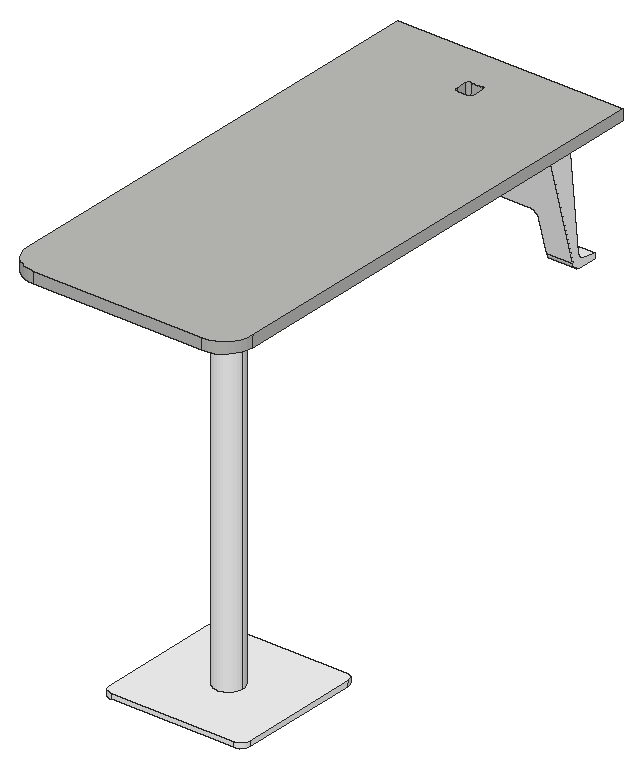
Revit family "Worksurfaces-Teknion-JNWPH-High_Peninsula_Worksurface-R2015", category Furniture, Revit 2018
Family settings
  OmniClass Number = 23.40.20.00
  OmniClass Title = General Furniture and Specialties
  Work Plane-Based = No
  Always vertical = Yes
  Cut with Voids When Loaded = No
  Shared = Yes
  Room Calculation Point = No
Parameters (values of type "24" Depth")
  Worksurface Finish [instance] = Source Laminate - Teknion - RV - Very White
  Width [instance] = 54.000"
  Warranty = "http://www.teknion.com/ca/papers/legal-canada"
  Unit Weight URL = "http://www.teknion.com/ca/tools/assets#&asset=bee6a381-b954-425e-8283-5a2de3a804f2,f828d448-4b62-4231-9e5f-9a8991c0ed77"
  URL = "www.teknion.com"
  Sustainability Data = "http://www.teknion.com/ca/tools/assets#&topic=216f99a5-57a0-44fc-b10a-9dee9b29ae4c&asset=444deb64-fe58-4b68-981e-f75e97781df7"
  Square-Cut-Out Hole Depth [instance] = if([Has Square Cut-Out], 2.555", 0.500")  # 2.555"
  Series = "Expansion Cityline"  # constant formula
  Product Page URL = "http://www.teknion.com/ca/products/product-details?productlineid=9ad2a26e-8e7a-673b-a6c8-ff05004460c4"
  Product Line = "Expansion Cityline"  # constant formula
  Product Documentation Link = "http://www.teknion.com/pricing/expansion-cityline/pdfs/JNWPH_ppg.pdf"
  Part Number = "JNWPH"  # constant formula
  Offset Height [instance] = if(Height = 42.000", 1.945", 3.553")  # 1.945"
  Note [instance] = "Available Depths are 24, 30, and 36 inches. Widths are available from 48 to 84 inches in 6 inch increments. Heights are available in 36 and 42 inches."  # constant formula
  Model = "JNWPH24"
  Manufacturer Phone = "416-661-3370"  # constant formula
  Manufacturer Fax = "416.661.4586"  # constant formula
  Manufacturer Contact Information = "http://www.teknion.com/ca/contactus"
  Manufacturer Address = "1150 Flint Road, Toronto, ON. M3J 2J5. Canada"  # constant formula
  Manufacturer = "Teknion"  # constant formula
  Leg Paint Finish [instance] = Mica - Teknion - V - Satin - Very White
  Height [instance] = 42.000"
  Has Square Cut-Out [instance] = yes
  Description = "High Peninsula Worksurface, Curved Corner."  # constant formula
  Depth = 24.000"
  Bracket Finish [instance] = Mica - Teknion - V - Satin - Very White
  Base Cut Depth [instance] = if(Height = 36.000", 3.000", 5.500")  # 5.500"
  Assembly Code = "E2020200"
  Actual Height [instance] = if(Height = 42.000", 43.189", 37.189")  # 43.189"
  Actual Width [instance] = Width - 1.693"  # 52.307"
Types (3): name | Width | Offset Height | Model | Height | Depth | Base Cut Depth | Actual Height | Actual Width
  24" Depth | 54.000" | 1.945" | "JNWPH24" | 42.000" | 24.000" | 5.500" | 43.189" | 52.307"
  30" Depth | 60.000" | 3.553" | "JNWPH30" | 36.000" | 30.000" | 3.000" | 37.189" | 58.307"
  36" Depth | 60.000" | 3.553" | "JNWPH36" | 36.000" | 36.000" | 3.000" | 37.189" | 58.307"
Reference planes (in)
  plane 1 "Center Front/Back": y = -1.5
  plane 2: z = 0
  plane 3 "Center Left/Right": x = 0
  plane 4 "Left": x = -12
  plane 5 "Right": x = 12
  plane 6 "Back": y = 24.6535
  plane 7 "Front": y = -27.6535
  plane 8 "Top": z = 43.189
  plane 9: z = 42.00002
  plane 10: z = 27.81102
  plane 11: x = -9
  plane 12: x = 9
  plane 13: z = 44.189
  plane 14: x = -6.25
  plane 15: x = 6.25
  plane 16: x = 7.63189
  plane 17: x = 7.75
  plane 18: x = -7.75
  plane 19: x = -7.63189
  plane 20: x = -1.625
  plane 21: x = 1.625
  plane 22: z = 0.5
  plane 23: y = 12.6535
  plane 24: y = 22.7085
  plane 25: z = 33.31102
Forms (in)
  Extrusion 1, solid, material "Source Laminate - Teknion - RV - Very White" <- "Worksurface Finish"
    sketch origin (0, 0, 43.189) x (-1, 0, 0) y (0, -1, 0)
      loop
        line (12, -24.6535) -> (12, 24.6535)
        arc (12, 24.6535) -> (11.12132, 26.77482) -> (9, 27.6535) r 3
        line (9, 27.6535) -> (-9, 27.6535)
        arc (-9, 27.6535) -> (-11.12132, 26.77482) -> (-12, 24.6535) r 3
        line (-12, 24.6535) -> (-12, -24.6535) -> (12, -24.6535)
    from 0 to -1.18898
  Extrusion 2, solid, material "Mica - Teknion - V - Satin - Very White" <- "Bracket Finish"
    sketch origin (0, 0, 0) x (0, 1, 0) y (0, 0, 1)
      loop
        line (21.08905, 42.00002) -> (12.6535, 42.00002) -> (12.6535, 41.81105) -> (18.18988, 41.81105) -> (21.74257, 28.5522)
        arc (21.74257, 28.5522) -> (22.09974, 28.01767) -> (22.7085, 27.81102) r 1
        line (22.7085, 27.81102) -> (24.6535, 27.81102) -> (24.6535, 28.375) -> (23.12005, 28.57688)
        arc (23.12005, 28.57688) -> (22.68157, 28.79625) -> (22.47231, 29.23964) r 0.75
        line (22.47231, 29.23964) -> (21.08905, 42.00002)
    from -9 to 9
  Extrusion 3, void
    sketch origin (15, -180, 44.189) x (-1, 0, 0) y (0, -1, 0)
      loop
        arc (15.58661, -200.20704) -> (15.84162, -200.10142) -> (15.94724, -199.84641) r 0.36063
        line (15.94724, -199.84641) -> (15.94724, -198.67319)
        arc (15.94724, -198.67319) -> (15.84162, -198.41818) -> (15.58661, -198.31256) r 0.36063
        line (15.58661, -198.31256) -> (14.41339, -198.31256)
        arc (14.41339, -198.31256) -> (14.15838, -198.41818) -> (14.05276, -198.67319) r 0.36063
        line (14.05276, -198.67319) -> (14.05276, -199.84641)
        arc (14.05276, -199.84641) -> (14.15838, -200.10142) -> (14.41339, -200.20704) r 0.36063
        line (14.41339, -200.20704) -> (15.58661, -200.20704)
    from 0 to -2.555
  Extrusion 4, solid, material "Mica - Teknion - V - Satin - Very White" <- "Leg Paint Finish"
    sketch origin (-15, -180, 42.00002) x (-1, 0, 0) y (0, -1, 0)
      loop
        circle (-15, -167.15472) r 1.5
    from -41.50002 to 0
  Extrusion 5, solid, material "Mica - Teknion - V - Satin - Very White" <- "Leg Paint Finish"
    sketch origin (0, -8.3457, 0.5) x (0, 1, 0) y (-1, 0, 0)
      loop
        line (2, 7.5) -> (-11, 7.5)
        arc (-11, 7.5) -> (-11.70711, 7.20711) -> (-12, 6.5) r 1
        line (-12, 6.5) -> (-12, -6.5)
        arc (-12, -6.5) -> (-11.70711, -7.20711) -> (-11, -7.5) r 1
        line (-11, -7.5) -> (2, -7.5)
        arc (2, -7.5) -> (2.70711, -7.20711) -> (3, -6.5) r 1
        line (3, -6.5) -> (3, 6.5)
        arc (3, 6.5) -> (2.70711, 7.20711) -> (2, 7.5) r 1
    from 0 to -0.5
  Extrusion 6, void
    sketch origin (-64.19161, 24.6535, 48) x (1, 0, 0) y (0, 0, 1)
      loop
        line (69.44161, -14.68898) -> (58.94161, -14.68898)
        arc (58.94161, -14.68898) -> (58.2345, -14.98187) -> (57.94161, -15.68898) r 1
        line (57.94161, -15.68898) -> (57.94161, -20.18898) -> (70.44161, -20.18898) -> (70.44161, -15.68898)
        arc (70.44161, -15.68898) -> (70.14871, -14.98187) -> (69.44161, -14.68898) r 1
    from 0 to 12
Cuts and joins
  Extrusion 6 cuts Extrusion 2
  Extrusion 3 cuts Extrusion 1
Lines and regions (in)
  Masking region 1
    outline origin (0, 0, 43.189) x (-1, 0, 0) y (0, -1, 0)
      loop
        line (12, -24.6535) -> (12, 24.6535)
        arc (12, 24.6535) -> (11.12132, 26.77482) -> (9, 27.6535) r 3
        line (9, 27.6535) -> (-9, 27.6535)
        arc (-9, 27.6535) -> (-11.12132, 26.77482) -> (-12, 24.6535) r 3
        line (-12, 24.6535) -> (-12, -24.6535) -> (12, -24.6535)
  Masking region 2, detail levels medium+fine
    outline origin (0, 0, 43.189) x (-1, 0, 0) y (0, -1, 0)
      loop
        line (9, -24.6535) -> (9, -12.6535) -> (-9, -12.6535) -> (-9, -24.6535) -> (-6.25, -24.6535) -> (-6.25, -21.21796) -> (-1.625, -21.21796) -> (-1.625, -14.84272) -> (1.625, -14.84272) -> (1.625, -21.21796) -> (6.25, -21.21796) -> (6.25, -24.6535) -> (9, -24.6535)
  Masking region 3, detail levels fine
    outline origin (0, -8.3457, 0.5) x (0, 1, 0) y (-1, 0, 0)
      loop
        line (3, -6.5) -> (3, 6.5)
        arc (3, 6.5) -> (2.70711, 7.20711) -> (2, 7.5) r 1
        line (2, 7.5) -> (-11, 7.5)
        arc (-11, 7.5) -> (-11.70711, 7.20711) -> (-12, 6.5) r 1
        line (-12, 6.5) -> (-12, -6.5)
        arc (-12, -6.5) -> (-11.70711, -7.20711) -> (-11, -7.5) r 1
        line (-11, -7.5) -> (2, -7.5)
        arc (2, -7.5) -> (2.70711, -7.20711) -> (3, -6.5) r 1
  symbolic lines, visible <- "Has Square Cut-Out"
    curve 1: line (-0.58661, 20.20704, 43.189) -> (0.58661, 20.20704, 43.189)
    curve 2: arc (0.58661, 20.20704, 43.189) -> (0.84162, 20.10142, 43.189) -> (0.94724, 19.84641, 43.189) r 0.36063
    curve 3: line (0.94724, 19.84641, 43.189) -> (0.94724, 18.67319, 43.189)
    curve 4: arc (0.94724, 18.67319, 43.189) -> (0.84162, 18.41818, 43.189) -> (0.58661, 18.31256, 43.189) r 0.36063
    curve 5: line (0.58661, 18.31256, 43.189) -> (-0.58661, 18.31256, 43.189)
    curve 6: arc (-0.58661, 18.31256, 43.189) -> (-0.84162, 18.41818, 43.189) -> (-0.94724, 18.67319, 43.189) r 0.36063
    curve 7: line (-0.94724, 18.67319, 43.189) -> (-0.94724, 19.84641, 43.189)
    curve 8: arc (-0.94724, 19.84641, 43.189) -> (-0.84162, 20.10142, 43.189) -> (-0.58661, 20.20704, 43.189) r 0.36063
  symbolic lines, style "FurnitureHiddenLines", detail levels fine
    curve 9: line (-7.75, 18.6535, 43.189) -> (-7.75, 24.6535, 43.189)
    curve 10: line (-7.63189, 24.6535, 43.189) -> (-7.63189, 18.68515, 43.189)
    curve 11: line (-7.75, 18.6535, 43.189) -> (-9, 18.6535, 43.189)
    curve 12: line (-1.625, 18.68515, 43.189) -> (-7.63189, 18.68515, 43.189)
    curve 13: line (7.63189, 18.68515, 43.189) -> (1.625, 18.68515, 43.189)
    curve 14: line (7.63189, 18.68515, 43.189) -> (7.63189, 24.6535, 43.189)
    curve 15: line (7.75, 24.6535, 43.189) -> (7.75, 18.6535, 43.189)
    curve 16: line (9, 18.6535, 43.189) -> (7.75, 18.6535, 43.189)
    curve 17: line (1.625, 18.50849, 43.189) -> (9, 18.50849, 43.189)
    curve 18: line (-9, 18.50849, 43.189) -> (-1.625, 18.50849, 43.189)
  symbolic lines, style "FurnitureHiddenLines", detail levels medium+fine
    curve 19: arc (1.5, -12.84528, 0.5) -> (0, -11.34528, 0.5) -> (-1.5, -12.84528, 0.5) r 1.5
    curve 20: arc (-1.5, -12.84528, 0.5) -> (0, -14.34528, 0.5) -> (1.5, -12.84528, 0.5) r 1.5
  reference lines, not visible
    curve 21: line (-12, 24.6535, 0) -> (12, 24.6535, 0)
    curve 22: line (-12, 24.6535, 0) -> (-12, -27.6535, 0)
    curve 23: line (-12, -27.6535, 0) -> (12, -27.6535, 0)
    curve 24: line (12, 24.6535, 0) -> (12, -27.6535, 0)
Dimensions and locks (in)
  "Depth": plane 4 "Left" to plane 5 "Right"
  "Actual Width": plane 6 "Back" to plane 7 "Front"
  "Actual Height": plane 8 "Top" to level
  equal spacing: plane 4 "Left", plane 3 "Center Left/Right", plane 5 "Right"
  equal spacing: plane 6 "Back", plane 1 "Center Front/Back", plane 7 "Front"
  locked: plane 4 "Left" to Extrusion 1 sketch curve at 3
  locked: plane 7 "Front" to Extrusion 1 sketch curve at 3  (x2)
  locked: Extrusion 1 sketch curve to plane 5 "Right" at 3
  locked: plane 8 "Top" to plane 9 at 1.18898
  locked: plane 13 to plane 8 "Top" at 1
  plane 6 "Back" to Extrusion 3 sketch curve to Extrusion 3 sketch curve to Extrusion 3 sketch curve to Extrusion 3 sketch curve to Extrusion 3 sketch curve to Extrusion 3 sketch curve = 4.44646" locked, 0.36063" locked, 0.000" locked, 1.17323" locked, 0.000" locked, 0.36063" locked
  Extrusion 3 sketch curve to Extrusion 3 sketch curve to Extrusion 3 sketch curve to plane 3 "Center Left/Right" to Extrusion 3 sketch curve to Extrusion 3 sketch curve to Extrusion 3 sketch curve = 0.36063" locked, 0.000" locked, 0.58661" locked, 0.58661" locked, 0.000" locked, 0.36063" locked
  "Square-Cut-Out Hole Depth": plane 13 to Extrusion 3
  plane 21 to plane 15 to plane 16 to plane 17 to plane 12 = 4.625" locked, 1.38189" locked, 0.11811" locked, 1.250" locked
  plane 11 to plane 18 to plane 19 to plane 14 to plane 20 = 1.250" locked, 0.11811" locked, 1.38189" locked, 4.625" locked
  locked: plane 20 to plane 3 "Center Left/Right" at 1.625
  locked: plane 3 "Center Left/Right" to plane 21 at 1.625
  locked: plane 7 "Front" to Extrusion 4 sketch curve at 14.80822
  locked: plane 3 "Center Left/Right" to Extrusion 4 sketch curve at 0
  locked: plane 22 to plane 2 at 0.5
  Extrusion 5 sketch curve to Extrusion 5 sketch curve to Extrusion 5 sketch curve to plane 3 "Center Left/Right" to Extrusion 5 sketch curve to Extrusion 5 sketch curve to Extrusion 5 sketch curve = 1.000" locked, 0.000" locked, 6.500" locked, 6.500" locked, 0.000" locked, 1.000" locked
  plane 7 "Front" to Extrusion 5 sketch curve to Extrusion 5 sketch curve to Extrusion 5 sketch curve to Extrusion 5 sketch curve to Extrusion 5 sketch curve to Extrusion 5 sketch curve = 7.3078" locked, 1.000" locked, 0.000" locked, 13.000" locked, 0.000" locked, 1.000" locked
  locked: plane 10 to plane 2 at 27.81102
  locked: plane 6 "Back" to plane 23 at 12
  "Offset Height": plane 6 "Back" to plane 24
  locked: Extrusion 2 sketch curve to plane 24 at 0.50944
  locked: Extrusion 2 sketch curve to plane 24 at 0
  locked: Extrusion 2 sketch curve to plane 10 at 0.56398
  locked: Extrusion 2 sketch curve to plane 10 at 1
  locked: Extrusion 2 sketch curve to plane 10 at 1.50944
  locked: Extrusion 2 sketch curve to plane 10 at 1.42861
  locked: plane 9 to Extrusion 2 sketch curve at 0.18898
  "Base Cut Depth": plane 25 to plane 10
  cut or joined group of Extrusion 2, Extrusion 6 to plane 10 = 5.500"
  locked: plane 25 to Extrusion 6 sketch curve at 1  (x2)
  locked: plane 15 to Extrusion 6 sketch curve at 1
  locked: Extrusion 6 sketch curve to plane 14 at 1
  locked: plane 10 to Extrusion 2 sketch curve (angle 7.50°)
  locked: plane 10 to Extrusion 2 sketch curve (angle 75.00°)
  locked: Extrusion 2 sketch curve to plane 24 (angle 6.18687°)
  aligned and locked: level to plane 2
  aligned and locked: Extrusion 1 sketch curve to plane 6 "Back"
  aligned and locked: Extrusion 1 sketch curve to plane 4 "Left"
  aligned and locked: plane 5 "Right" to Extrusion 1 sketch curve
  aligned and locked: plane 7 "Front" to Extrusion 1 sketch curve
  aligned and locked: Extrusion 1 to plane 8 "Top"
  aligned and locked: Extrusion 1 to plane 9
  aligned and locked: plane 10 to Extrusion 2 sketch curve
  aligned and locked: plane 6 "Back" to Extrusion 2 sketch curve
  aligned and locked: plane 9 to Extrusion 2 sketch curve
  aligned and locked: plane 6 "Back" to Extrusion 2
  aligned and locked: Extrusion 2 to plane 11
  aligned and locked: plane 12 to Extrusion 2
  aligned and locked: plane 13 to Extrusion 3
  aligned and locked: Masking region 1 sketch curve to plane 6 "Back"
  aligned and locked: Masking region 1 sketch curve to plane 4 "Left"
  aligned and locked: plane 5 "Right" to Masking region 1 sketch curve
  aligned and locked: Masking region 1 sketch curve to cut or joined group of Extrusion 1, Extrusion 3  (x2)
  aligned and locked: Masking region 2 sketch curve to plane 11
  aligned and locked: Masking region 2 sketch curve to plane 12
  aligned and locked: Masking region 2 sketch curve to plane 14
  aligned and locked: Masking region 2 sketch curve to plane 6 "Back"
  aligned and locked: Masking region 2 sketch curve to plane 15
  aligned and locked: curve 2 to cut or joined group of Extrusion 1, Extrusion 3
  aligned and locked: curve 4 to cut or joined group of Extrusion 1, Extrusion 3
  aligned and locked: curve 6 to cut or joined group of Extrusion 1, Extrusion 3
  aligned and locked: Extrusion 5 to plane 2
  aligned and locked: plane 22 to Extrusion 5
  aligned and locked: Extrusion 4 to plane 22
  aligned and locked: plane 9 to Extrusion 4
  aligned and locked: Masking region 3 sketch curve to Extrusion 5  (x4)
  aligned and locked: curve 19 to Extrusion 4
  aligned and locked: curve 20 to Extrusion 4
  aligned and locked: plane 23 to Extrusion 2 sketch curve
  aligned and locked: plane 10 to Extrusion 6 sketch curve
  aligned and locked: plane 25 to Extrusion 6 sketch curve
  aligned and locked: curve 21 to plane 6 "Back"
  aligned and locked: curve 22 to plane 4 "Left"
  aligned and locked: plane 7 "Front" to curve 23
  aligned and locked: plane 5 "Right" to curve 24
Automatic sketch dimensions
  Masking region 2 sketch curve to plane 6 "Back" = 0.000"
  curve 8 to curve 7 = 0.36063"
  Masking region 2 sketch curve to plane 21 = 0.000"
  Masking region 2 sketch curve to plane 20 = 0.000"
  Masking region 2 sketch curve to plane 6 "Back" = 3.43554"  (x2)
  Masking region 2 sketch curve to Masking region 2 sketch curve = 6.37525"
  curve 9 to plane 6 "Back" = 0.000"
  curve 10 to plane 6 "Back" = 0.000"
  curve 11 to plane 11 = 0.000"
  curve 12 to plane 20 = 0.000"
  curve 13 to plane 21 = 0.000"
  curve 14 to plane 6 "Back" = 0.000"
  curve 15 to plane 6 "Back" = 0.000"
  curve 16 to plane 12 = 0.000"
  curve 17 to plane 12 = 0.000"
  curve 17 to plane 21 = 0.000"
  curve 18 to plane 20 = 0.000"
  curve 18 to plane 11 = 0.000"
  Masking region 2 sketch curve to Masking region 2 sketch curve = 2.18922"
  plane 10 to Extrusion 2 sketch curve = 0.74118"
  curve 16 to plane 17 = 0.000"
  curve 13 to plane 16 = 0.000"
  curve 10 to plane 19 = 0.000"
  curve 11 to plane 18 = 0.000"
  curve 10 to curve 6 = 0.01196"
  curve 14 to curve 4 = 0.01196"
  curve 10 to curve 11 = 0.03165"
  curve 13 to curve 15 = 0.03165"
  curve 11 to curve 18 = 0.14501"
  curve 16 to curve 17 = 0.14501"
  Extrusion 2 sketch curve to plane 24 = 0.41155"
  radius of Extrusion 4 sketch curve = 1.500"
